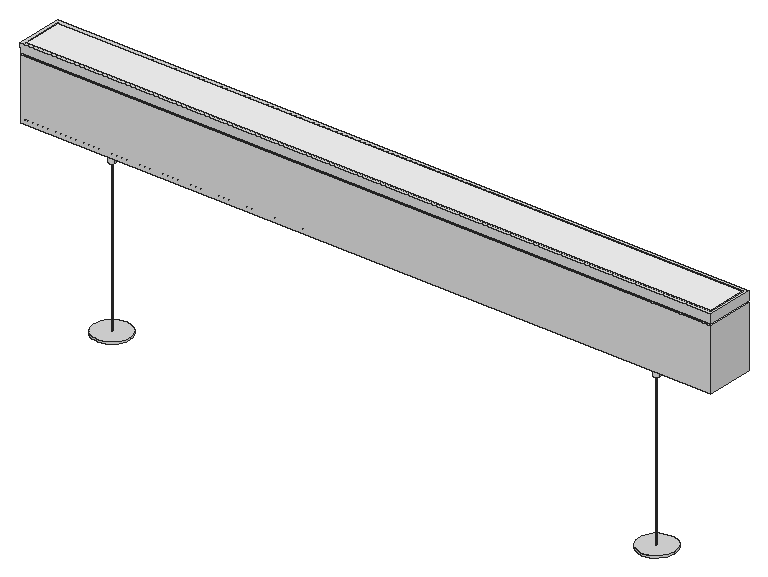
Revit family "Lighting-Suspended-Philips_Ledalite-TruGroove_LED", category Lighting Fixtures, host Face, Revit 2017
Family settings
  Host = Face
  Round Connector Dimension = Use Diameter
  Part Type = Normal
  OmniClass Number = 23.80.70.11.14
  OmniClass Title = General Luminaries, Directional
  Cut with Voids When Loaded = No
  Light Source = Yes
  Shared = No
  Room Calculation Point = No
Parameters (values of type "2905LACWW4")
  eCatalog URL = "www.ledalite.com"
  Width = 3 59/256"
  Wattage = 29.1702 W
  built-in parameter 1150110 = 1 (stored number, unit not read)
  Voltage Comments = ""
  Voltage = 120 V
  URL = "https://www.signify.com/en-us"
  built-in parameter 1114217 = 1 (stored number, unit not read)
  Tilt Angle = -90.00°
  built-in parameter 1150109 = 1 (stored number, unit not read)
  built-in parameter 1150134 = 12
  Suspension Distance = 12"
  built-in parameter 1150113 = 1 (stored number, unit not read)
  Product Page URL = "http://www.lightingproducts.philips.com/search-tool.html#!q=LI290L"
  Product Family = "TruGroove"
  Photometry Comments = "Candela values are absolute."
  Photometric Web File = "29x5LACWW.ies"
  Model = Catalog Number  # "2905LACWW4"
  Manufacturer = "Ledalite"
  built-in parameter 1150105 = 344.81 (stored number, unit not read)
  Lumens = 4333 lm
  built-in parameter 1150115 = 1 (stored number, unit not read)
  built-in parameter 1150137 = (empty or 0)
  built-in parameter 1150139 = (empty or 0)
  Lens Material Finish = Acrylic-Signify-White, Translucent
  Length = 48"
  Last Updated = "6/17/2015"
  built-in parameter 1150112 = 1 (stored number, unit not read)
  built-in parameter 1150114 = 1 (stored number, unit not read)
  Lamp Comments = ""
  Lamp = "LED"
  built-in parameter 1150132 = 2
  built-in parameter 1150102 = (empty or 0)
  built-in parameter 1150107 = 4000 (stored number, unit not read)
  built-in parameter 1150138 = (empty or 0)
  built-in parameter 1150106 = 3.4481 (stored number, unit not read)
  Housing Material Finish = Powder Coat-Signify-Titanium
  End Cap Depth = 51/256"
  Emit from Rectangle Width = Width  # 3 59/256"
  Emit from Rectangle Length = Length  # 48"
  Emit Shape Visible in Rendering = no
  built-in parameter 1150104 = 13.8 (stored number, unit not read)
  Dimming Lamp Color Temperature Shift = <None>
  Description = "TruGroove Suspended Indirect/Direct, LED, 4000K, 4600 Nominal Delivered Lumens, Asymmetric MesoOptics Top and Bottom, 4'"
  Depth = 5"
  Default Elevation = 48"
  Color Filter = 16777215
  Catalog Number = "2905LACWW4"
  built-in parameter 1140040 [instance] = 1
  built-in parameter 1114218 = 1 (stored number, unit not read)
  built-in parameter 1150133 = 10 (stored number, unit not read)
  Assembly Code = "D5020200"
  Apparent Load Comments = ""
  Apparent Load = 41.1 VA
Types (66): name | Wattage | built-in parameter 1150134 | Photometric Web File | Model | built-in parameter 1150105 | Lumens | built-in parameter 1150107 | built-in parameter 1150106 | Description | Catalog Number | Apparent Load
  2901LAEQN4 | 21.9265 W | 12 | "29x1LAEQN.ies" | "2901LAEQN4" | 259.18 (stored number, unit not read) | 3257 lm | 4000 (stored number, unit not read) | 2.5918 (stored number, unit not read) | "TruGroove Suspended Direct, LED, 4000K, 3200 Nominal Delivered Lumens, Symmetric MesoOptics, 4'" | "2901LAEQN4" | 35.4 VA
  2901LAEWN4 | 19.9943 W | 12 | "29x1LAEWN.ies" | "2901LAEWN4" | 236.35 (stored number, unit not read) | 2970 lm | 4000 (stored number, unit not read) | 2.3635 (stored number, unit not read) | "TruGroove Suspended Direct, LED, 4000K, 3200 Nominal Delivered Lumens, Asymmetric MesoOptics, 4'" | "2901LAEWN4" | 35.6 VA
  2901LAGQN4 | 15.7531 W | 12 | "29x1LAGQN.ies" | "2901LAGQN4" | 186.21 (stored number, unit not read) | 2340 lm | 4000 (stored number, unit not read) | 1.8621 (stored number, unit not read) | "TruGroove Suspended Direct, LED, 4000K, 2300 Nominal Delivered Lumens, Symmetric MesoOptics, 4'" | "2901LAGQN4" | 24.1 VA
  2901LAGWN4 | 14.3663 W | 12 | "29x1LAGWN.ies" | "2901LAGWN4" | 169.82 (stored number, unit not read) | 2134 lm | 4000 (stored number, unit not read) | 1.6982 (stored number, unit not read) | "TruGroove Suspended Direct, LED, 4000K, 2300 Nominal Delivered Lumens, Asymmetric MesoOptics, 4'" | "2901LAGWN4" | 24.3 VA
  2901LAKQN4 | 10.0847 W | 12 | "29x1LAKQN.ies" | "2901LAKQN4" | 119.21 (stored number, unit not read) | 1498 lm | 4000 (stored number, unit not read) | 1.1921 (stored number, unit not read) | "TruGroove Suspended Direct, LED, 4000K, 1500 Nominal Delivered Lumens, Symmetric MesoOptics, 4'" | "2901LAKQN4" | 15.3 VA
  2901LAKWN4 | 9.19605 W | 12 | "29x1LAKWN.ies" | "2901LAKWN4" | 108.7 (stored number, unit not read) | 1366 lm | 4000 (stored number, unit not read) | 1.087 (stored number, unit not read) | "TruGroove Suspended Direct, LED, 4000K, 1500 Nominal Delivered Lumens, Asymmetric MesoOptics, 4'" | "2901LAKWN4" | 15.4 VA
  2901LBEQN4 | 21.8591 W | (empty or 0) | "29x1LBEQN.ies" | "2901LBEQN4" | 258.39 (stored number, unit not read) | 3247 lm | 3500 (stored number, unit not read) | 2.5839 (stored number, unit not read) | "TruGroove Suspended Direct, LED, 3500K, 3200 Nominal Delivered Lumens, Symmetric MesoOptics, 4'" | "2901LBEQN4" | 34.9 VA
  2901LBEWN4 | 19.9338 W | (empty or 0) | "29x1LBEWN.ies" | "2901LBEWN4" | 235.63 (stored number, unit not read) | 2961 lm | 3500 (stored number, unit not read) | 2.3563 (stored number, unit not read) | "TruGroove Suspended Direct, LED, 3500K, 3200 Nominal Delivered Lumens, Asymmetric MesoOptics, 4'" | "2901LBEWN4" | 35.1 VA
  2901LBGQN4 | 15.6993 W | (empty or 0) | "29x1LBGQN.ies" | "2901LBGQN4" | 185.57 (stored number, unit not read) | 2332 lm | 3500 (stored number, unit not read) | 1.8557 (stored number, unit not read) | "TruGroove Suspended Direct, LED, 3500K, 2300 Nominal Delivered Lumens, Symmetric MesoOptics, 4'" | "2901LBGQN4" | 23.8 VA
  2901LBGWN4 | 14.3192 W | (empty or 0) | "29x1LBGWN.ies" | "2911LBGWN4" | 169.26 (stored number, unit not read) | 2127 lm | 3500 (stored number, unit not read) | 1.6926 (stored number, unit not read) | "TruGroove Suspended Direct, LED, 3500K, 2300 Nominal Delivered Lumens, Asymmetric MesoOptics, 4'" | "2911LBGWN4" | 24 VA
  2901LBKQN4 | 10.051 W | (empty or 0) | "29x1LBKQN.ies" | "2901LBKQN4" | 118.81 (stored number, unit not read) | 1493 lm | 3500 (stored number, unit not read) | 1.1881 (stored number, unit not read) | "TruGroove Suspended Direct, LED, 3500K, 1500 Nominal Delivered Lumens, Symmetric MesoOptics, 4'" | "2901LBKQN4" | 15.1 VA
  2901LBKWN4 | 9.16913 W | (empty or 0) | "29x1LBKWN.ies" | "2901LBKWN4" | 108.38 (stored number, unit not read) | 1362 lm | 3500 (stored number, unit not read) | 1.0838 (stored number, unit not read) | "TruGroove Suspended Direct, LED, 3500K, 1500 Nominal Delivered Lumens, Asymmetric MesoOptics, 4'" | "2901LBKWN4" | 15.2 VA
  2901LCEQN4 | 21.1388 W | (empty or 0) | "29x1LCEQN.ies" | "2901LCEQN4" | 249.87 (stored number, unit not read) | 3140 lm | 3000 (stored number, unit not read) | 2.4987 (stored number, unit not read) | "TruGroove Suspended Direct, LED, 3000K, 3200 Nominal Delivered Lumens, Symmetric MesoOptics, 4'" | "2901LCEQN4" | 34.9 VA
  2901LCEWN4 | 19.274 W | (empty or 0) | "29x1LCEWN.ies" | "2901LCEWN4" | 227.83 (stored number, unit not read) | 2863 lm | 3000 (stored number, unit not read) | 2.2783 (stored number, unit not read) | "TruGroove Suspended Direct, LED, 3000K, 3200 Nominal Delivered Lumens, Asymmetric MesoOptics, 4'" | "2901LCEWN4" | 35.1 VA
  2901LCGQN4 | 15.1742 W | (empty or 0) | "29x1LCGQN.ies" | "2901LCGQN4" | 179.37 (stored number, unit not read) | 2254 lm | 3000 (stored number, unit not read) | 1.7937 (stored number, unit not read) | "TruGroove Suspended Direct, LED, 3000K, 2300 Nominal Delivered Lumens, Symmetric MesoOptics, 4'" | "2901LCGQN4" | 23.8 VA
  2901LCGWN4 | 13.8479 W | (empty or 0) | "29x1LCGWN.ies" | "2901LCGWN4" | 163.69 (stored number, unit not read) | 2057 lm | 3000 (stored number, unit not read) | 1.6369 (stored number, unit not read) | "TruGroove Suspended Direct, LED, 3000K, 2300 Nominal Delivered Lumens, Asymmetric MesoOptics, 4'" | "2901LCGWN4" | 24 VA
  2901LCKQN4 | 9.72116 W | (empty or 0) | "29x1LCKQN.ies" | "2901LCKQN4" | 114.91 (stored number, unit not read) | 1444 lm | 3000 (stored number, unit not read) | 1.1491 (stored number, unit not read) | "TruGroove Suspended Direct, LED, 3000K, 1500 Nominal Delivered Lumens, Symmetric MesoOptics, 4'" | "2901LCKQN4" | 15.1 VA
  2901LCKWN4 | 8.86618 W | (empty or 0) | "29x1LCKWN.ies" | "2901LCKWN4" | 104.8 (stored number, unit not read) | 1317 lm | 3000 (stored number, unit not read) | 1.048 (stored number, unit not read) | "TruGroove Suspended Direct, LED, 3000K, 1500 Nominal Delivered Lumens, Asymmetric MesoOptics, 4'" | "2901LCKWN4" | 15.2 VA
  2903LACNQ4 | 32.6911 W | 12 | "29x3LACNQ.ies" | "2903LACNQ4" | 386.43 (stored number, unit not read) | 4856 lm | 4000 (stored number, unit not read) | 3.8643 (stored number, unit not read) | "TruGroove Suspended Indirect, LED, 4000K, 4800 Nominal Delivered Lumens, Symmetric MesoOptics, 4'" | "2903LACNQ4" | 41 VA
  2903LACNW4 | 30.6243 W | 12 | "29x3LACNW.ies" | "2903LACNW4" | 362 (stored number, unit not read) | 4549 lm | 4000 (stored number, unit not read) | 3.62 (stored number, unit not read) | "TruGroove Suspended Indirect, LED, 4000K, 4800 Nominal Delivered Lumens, Asymmetric MesoOptics, 4'" | "2903LACNW4" | 40.8 VA
  2903LAENQ4 | 21.9669 W | 12 | "29x3LAENQ.ies" | "2903LAENQ4" | 259.66 (stored number, unit not read) | 3263 lm | 4000 (stored number, unit not read) | 2.5966 (stored number, unit not read) | "TruGroove Suspended Indirect, LED, 4000K, 3200 Nominal Delivered Lumens, Symmetric MesoOptics, 4'" | "2903LAENQ4" | 25.9 VA
  2903LAENW4 | 20.58 W | 12 | "29x3LAENW.ies" | "2903LAENW4" | 243.27 (stored number, unit not read) | 3057 lm | 4000 (stored number, unit not read) | 2.4327 (stored number, unit not read) | "TruGroove Suspended Indirect, LED, 4000K, 3200 Nominal Delivered Lumens, Asymmetric MesoOptics, 4'" | "2903LAENW4" | 25.8 VA
  2903LBCNQ4 | 32.0785 W | (empty or 0) | "29x3LBCNQ.ies" | "2903LBCNQ4" | 379.19 (stored number, unit not read) | 4765 lm | 3500 (stored number, unit not read) | 3.7919 (stored number, unit not read) | "TruGroove Suspended Indirect, LED, 3500K, 4800 Nominal Delivered Lumens, Symmetric MesoOptics, 4'" | "2903LBCNQ4" | 41 VA
  2903LBCNW4 | 30.0521 W | (empty or 0) | "29x3LBCNW.ies" | "2903LBCNW4" | 355.23 (stored number, unit not read) | 4464 lm | 3500 (stored number, unit not read) | 3.5523 (stored number, unit not read) | "TruGroove Suspended Indirect, LED, 3500K, 4800 Nominal Delivered Lumens, Asymmetric MesoOptics, 4'" | "2903LBCNW4" | 40.8 VA
  2903LBENQ4 | 21.5427 W | (empty or 0) | "29x3LBENQ.ies" | "2903LBENQ4" | 254.65 (stored number, unit not read) | 3200 lm | 3500 (stored number, unit not read) | 2.5465 (stored number, unit not read) | "TruGroove Suspended Indirect, LED, 3500K, 3200 Nominal Delivered Lumens, Symmetric MesoOptics, 4'" | "2903LBENQ4" | 25.9 VA
  2903LBENW4 | 20.1828 W | (empty or 0) | "29x3LBENW.ies" | "2903LBENW4" | 238.57 (stored number, unit not read) | 2998 lm | 3500 (stored number, unit not read) | 2.3857 (stored number, unit not read) | "TruGroove Suspended Indirect, LED, 3500K, 3200 Nominal Delivered Lumens, Asymmetric MesoOptics, 4'" | "2903LBENW4" | 25.8 VA
  2903LCCNQ4 | 31.4591 W | (empty or 0) | "29x3LCCNQ.ies" | "2903LCCNQ4" | 371.87 (stored number, unit not read) | 4673 lm | 3000 (stored number, unit not read) | 3.7187 (stored number, unit not read) | "TruGroove Suspended Indirect, LED, 3000K, 4800 Nominal Delivered Lumens, Symmetric MesoOptics, 4'" | "2903LCCNQ4" | 40.7 VA
  2903LCCNW4 | 29.4799 W | (empty or 0) | "29x3LCCNQ.ies" | "2903LCCNQ4" | 348.47 (stored number, unit not read) | 4379 lm | 3000 (stored number, unit not read) | 3.4847 (stored number, unit not read) | "TruGroove Suspended Indirect, LED, 3000K, 4800 Nominal Delivered Lumens, Asymmetric MesoOptics, 4'" | "2903LCCNQ4" | 40.7 VA
  2903LCENQ4 | 21.1455 W | (empty or 0) | "29x3LCENQ.ies" | "2903LCENQ4" | 249.95 (stored number, unit not read) | 3141 lm | 3000 (stored number, unit not read) | 2.4995 (stored number, unit not read) | "TruGroove Suspended Indirect, LED, 3000K, 3200 Nominal Delivered Lumens, Symmetric MesoOptics, 4'" | "2903LCENQ4" | 25.7 VA
  2903LCENW4 | 19.8126 W | (empty or 0) | "29x3LCENW.ies" | "2903LCENW4" | 234.2 (stored number, unit not read) | 2943 lm | 3000 (stored number, unit not read) | 2.342 (stored number, unit not read) | "TruGroove Suspended Indirect, LED, 3000K, 3200 Nominal Delivered Lumens, Asymmetric MesoOptics, 4'" | "2903LCENW4" | 25.6 VA
  2905LABQQ4 | 35.4849 W | 12 | "29x5LABQQ.ies" | "2905LABQQ4" | 419.45 (stored number, unit not read) | 5271 lm | 4000 (stored number, unit not read) | 4.1945 (stored number, unit not read) | "TruGroove Suspended Indirect/Direct, LED, 4000K, 5200 Nominal Delivered Lumens, Symmetric MesoOptics Top & Bottom, 4'" | "2905LABQQ4" | 46.6 VA
  2905LABWW4 | 32.8594 W | 12 | "29x5LABWW.ies" | "2905LABWW4" | 388.42 (stored number, unit not read) | 4881 lm | 4000 (stored number, unit not read) | 3.8842 (stored number, unit not read) | "TruGroove Suspended Indirect/Direct, LED, 4000K, 5200 Nominal Delivered Lumens, Asymmetric MesoOptics Top and Bottom, 4'" | "2905LABWW4" | 46.6 VA
  2905LACQQ4 | 31.4053 W | 12 | "29x5LACQQ.ies" | "2905LACQQ4" | 371.23 (stored number, unit not read) | 4665 lm | 4000 (stored number, unit not read) | 3.7123 (stored number, unit not read) | "TruGroove Suspended Indirect/Direct, LED, 4000K, 4600 Nominal Delivered Lumens, Symmetric MesoOptics Top & Bottom, 4'" | "2905LACQQ4" | 41.1 VA
  2905LACWW4 | 29.1702 W | 12 | "29x5LACWW.ies" | "2905LACWW4" | 344.81 (stored number, unit not read) | 4333 lm | 4000 (stored number, unit not read) | 3.4481 (stored number, unit not read) | "TruGroove Suspended Indirect/Direct, LED, 4000K, 4600 Nominal Delivered Lumens, Asymmetric MesoOptics Top and Bottom, 4'" | "2905LACWW4" | 41.1 VA
  2905LADQQ4 | 22.6468 W | 12 | "29x5LADQQ.ies" | "2905LADQQ4" | 267.7 (stored number, unit not read) | 3364 lm | 4000 (stored number, unit not read) | 2.677 (stored number, unit not read) | "TruGroove Suspended Indirect/Direct, LED, 4000K, 3500 Nominal Delivered Lumens, Symmetric MesoOptics Top & Bottom, 4'" | "2905LADQQ4" | 28.6 VA
  2905LADWW4 | 20.9705 W | 12 | "29x5LADWW.ies" | "2905LADWW4" | 247.88 (stored number, unit not read) | 3115 lm | 4000 (stored number, unit not read) | 2.4788 (stored number, unit not read) | "TruGroove Suspended Indirect/Direct, LED, 4000K, 3500 Nominal Delivered Lumens, Asymmetric MesoOptics Top and Bottom, 4'" | "2905LADWW4" | 28.6 VA
  2905LBBQQ4 | 35.3234 W | (empty or 0) | "29x5LBBQQ.ies" | "2905LBBQQ4" | 417.54 (stored number, unit not read) | 5247 lm | 3500 (stored number, unit not read) | 4.1754 (stored number, unit not read) | "TruGroove Suspended Indirect/Direct, LED, 3500K, 5200 Nominal Delivered Lumens, Symmetric MesoOptics Top & Bottom, 4'" | "2905LBBQQ4" | 46.4 VA
  2905LBBWW4 | 32.7046 W | (empty or 0) | "29x5LBBWW.ies" | "2905LBBWW4" | 386.59 (stored number, unit not read) | 4858 lm | 3500 (stored number, unit not read) | 3.8659 (stored number, unit not read) | "TruGroove Suspended Indirect/Direct, LED, 3500K, 5200 Nominal Delivered Lumens, Asymmetric MesoOptics Top and Bottom, 4'" | "2905LBBWW4" | 46.4 VA
  2905LBCQQ4 | 31.1293 W | (empty or 0) | "29x5LBCQQ.ies" | "2905LBCQQ4" | 367.97 (stored number, unit not read) | 4624 lm | 3500 (stored number, unit not read) | 3.6797 (stored number, unit not read) | "TruGroove Suspended Indirect/Direct, LED, 3500K, 4600 Nominal Delivered Lumens, Symmetric MesoOptics Top & Bottom, 4'" | "2905LBCQQ4" | 40.9 VA
  2905LBCWW4 | 28.9077 W | (empty or 0) | "29x5LBCWW.ies" | "2905LBCWW4" | 341.71 (stored number, unit not read) | 4294 lm | 3500 (stored number, unit not read) | 3.4171 (stored number, unit not read) | "TruGroove Suspended Indirect/Direct, LED, 3500K, 4600 Nominal Delivered Lumens, Asymmetric MesoOptics Top and Bottom, 4'" | "2905LBCWW4" | 40.9 VA
  2905LBDQQ4 | 22.5391 W | (empty or 0) | "29x5LBDQQ.ies" | "2905LBDQQ4" | 266.43 (stored number, unit not read) | 3348 lm | 3500 (stored number, unit not read) | 2.6643 (stored number, unit not read) | "TruGroove Suspended Indirect/Direct, LED, 3500K, 3500 Nominal Delivered Lumens, Symmetric MesoOptics Top & Bottom, 4'" | "2905LBDQQ4" | 28.5 VA
  2905LBDWW4 | 20.8695 W | (empty or 0) | "29x5LBDWW.ies" | "2905LBDWW4" | 246.69 (stored number, unit not read) | 3100 lm | 3500 (stored number, unit not read) | 2.4669 (stored number, unit not read) | "TruGroove Suspended Indirect/Direct, LED, 3500K, 3500 Nominal Delivered Lumens, Asymmetric MesoOptics Top and Bottom, 4'" | "2905LBDWW4" | 28.5 VA
  2905LCBQQ4 | 34.7915 W | (empty or 0) | "29x5LCBQQ.ies" | "2905LCBQQ4" | 411.26 (stored number, unit not read) | 5168 lm | 3000 (stored number, unit not read) | 4.1126 (stored number, unit not read) | "TruGroove Suspended Indirect/Direct, LED, 3000K, 5200 Nominal Delivered Lumens, Symmetric MesoOptics Top & Bottom, 4'" | "2905LCBQQ4" | 46.4 VA
  2905LCBWW4 | 32.2064 W | (empty or 0) | "29x5LCBWW.ies" | "2905LCBWW4" | 380.7 (stored number, unit not read) | 4784 lm | 3000 (stored number, unit not read) | 3.807 (stored number, unit not read) | "TruGroove Suspended Indirect/Direct, LED, 3000K, 5200 Nominal Delivered Lumens, Asymmetric MesoOptics Top and Bottom, 4'" | "2905LCBWW4" | 46.4 VA
  2905LCCQQ4 | 30.6984 W | (empty or 0) | "29x5LCCQQ.ies" | "2905LCCQQ4" | 362.87 (stored number, unit not read) | 4560 lm | 3000 (stored number, unit not read) | 3.6287 (stored number, unit not read) | "TruGroove Suspended Indirect/Direct, LED, 3000K, 4600 Nominal Delivered Lumens, Symmetric MesoOptics Top & Bottom, 4'" | "2905LCCQQ4" | 40.8 VA
  2905LCCWW4 | 28.5239 W | (empty or 0) | "29x5LCCWW.ies" | "2905LCCWW4" | 337.17 (stored number, unit not read) | 4237 lm | 3000 (stored number, unit not read) | 3.3717 (stored number, unit not read) | "TruGroove Suspended Indirect/Direct, LED, 3000K, 4600 Nominal Delivered Lumens, Asymmetric MesoOptics Top and Bottom, 4'" | "2905LCCWW4" | 40.8 VA
  2905LCDQQ4 | 22.2025 W | (empty or 0) | "29x5LCDQQ.ies" | "2905LCDQQ4" | 262.45 (stored number, unit not read) | 3298 lm | 3000 (stored number, unit not read) | 2.6245 (stored number, unit not read) | "TruGroove Suspended Indirect/Direct, LED, 3000K, 3500 Nominal Delivered Lumens, Symmetric MesoOptics Top & Bottom, 4'" | "2905LCDQQ4" | 28.5 VA
  2905LCDWW4 | 20.5531 W | (empty or 0) | "29x5LCDWW.ies" | "2905LCDWW4" | 242.95 (stored number, unit not read) | 3053 lm | 3000 (stored number, unit not read) | 2.4295 (stored number, unit not read) | "TruGroove Suspended Indirect/Direct, LED, 3000K, 3500 Nominal Delivered Lumens, Asymmetric MesoOptics Top and Bottom, 4'" | "2905LCDWW4" | 28.5 VA
  2906LABQQ4 | 34.7444 W | 12 | "29x6LABQQ.ies" | "2906LABQQ4" | 410.7 (stored number, unit not read) | 5161 lm | 4000 (stored number, unit not read) | 4.107 (stored number, unit not read) | "TruGroove Suspended Direct/Indirect, LED, 4000K, 5200 Nominal Delivered Lumens, Symmetirc MesoOptics Top and Bottom, 4'" | "2906LABQQ4" | 50.5 VA
  2906LABWW4 | 32.0179 W | 12 | "29x6LABWW.ies" | "2906LABWW4" | 378.47 (stored number, unit not read) | 4756 lm | 4000 (stored number, unit not read) | 3.7847 (stored number, unit not read) | "TruGroove Suspended Direct/Indirect, LED, 4000K, 5200 Nominal Delivered Lumens, Asymmetirc MesoOptics Top and Bottom, 4'" | "2906LABWW4" | 50.5 VA
  2906LACQQ4 | 30.6647 W | 12 | "29x6LACQQ.ies" | "2906LACQQ4" | 362.48 (stored number, unit not read) | 4555 lm | 4000 (stored number, unit not read) | 3.6248 (stored number, unit not read) | "TruGroove Suspended Direct/Indirect, LED, 4000K, 4600 Nominal Delivered Lumens, Symmetirc MesoOptics Top and Bottom, 4'" | "2906LACQQ4" | 46.3 VA
  2906LACWW4 | 28.2008 W | 12 | "29x6LACWW.ies" | "2906LACWW4" | 333.35 (stored number, unit not read) | 4189 lm | 4000 (stored number, unit not read) | 3.3335 (stored number, unit not read) | "TruGroove Suspended Direct/Indirect, LED, 4000K, 4600 Nominal Delivered Lumens, Asymmetirc MesoOptics Top and Bottom, 4'" | "2906LACWW4" | 46.3 VA
  2906LADQQ4 | 24.6799 W | 12 | "29x6LADQQ.ies" | "2906LADQQ4" | 291.73 (stored number, unit not read) | 3666 lm | 4000 (stored number, unit not read) | 2.9173 (stored number, unit not read) | "TruGroove Suspended Direct/Indirect, LED, 4000K, 3500 Nominal Delivered Lumens, Symmetirc MesoOptics Top and Bottom, 4'" | "2906LADQQ4" | 35.1 VA
  2906LADWW4 | 22.7343 W | 12 | "29x6LADWW.ies" | "2906LADWW4" | 268.73 (stored number, unit not read) | 3377 lm | 4000 (stored number, unit not read) | 2.6873 (stored number, unit not read) | "TruGroove Suspended Direct/Indirect, LED, 4000K, 3500 Nominal Delivered Lumens, Asymmetirc MesoOptics Top and Bottom, 4'" | "2906LADWW4" | 35.1 VA
  2906LBBQQ4 | 34.4751 W | (empty or 0) | "29x6LBBQQ.ies" | "2906LBBQQ4" | 407.52 (stored number, unit not read) | 5121 lm | 3500 (stored number, unit not read) | 4.0752 (stored number, unit not read) | "TruGroove Suspended Direct/Indirect, LED, 3500K, 5200 Nominal Delivered Lumens, Symmetirc MesoOptics Top and Bottom, 4'" | "2906LBBQQ4" | 50 VA
  2906LBBWW4 | 31.7553 W | (empty or 0) | "29x6LBBWW.ies" | "2906LBBWW4" | 375.37 (stored number, unit not read) | 4717 lm | 3500 (stored number, unit not read) | 3.7537 (stored number, unit not read) | "TruGroove Suspended Direct/Indirect, LED, 3500K, 5200 Nominal Delivered Lumens, Asymmetirc MesoOptics Top and Bottom, 4'" | "2906LBBWW4" | 50 VA
  2906LBCQQ4 | 30.8128 W | (empty or 0) | "29x6LBCQQ.ies" | "2906LBCQQ4" | 364.23 (stored number, unit not read) | 4577 lm | 3500 (stored number, unit not read) | 3.6423 (stored number, unit not read) | "TruGroove Suspended Direct/Indirect, LED, 3500K, 4600 Nominal Delivered Lumens, Symmetirc MesoOptics Top and Bottom, 4'" | "2906LBCQQ4" | 46 VA
  2906LBCWW4 | 28.322 W | (empty or 0) | "29x6LBCWW.ies" | "2906LBCWW4" | 334.78 (stored number, unit not read) | 4207 lm | 3500 (stored number, unit not read) | 3.3478 (stored number, unit not read) | "TruGroove Suspended Direct/Indirect, LED, 3500K, 4600 Nominal Delivered Lumens, Asymmetirc MesoOptics Top and Bottom, 4'" | "2906LBCWW4" | 46 VA
  2906LBDQQ4 | 24.5789 W | (empty or 0) | "29x6LBDQQ.ies" | "2906LBDQQ4" | 290.54 (stored number, unit not read) | 3651 lm | 3500 (stored number, unit not read) | 2.9054 (stored number, unit not read) | "TruGroove Suspended Direct/Indirect, LED, 3500K, 3500 Nominal Delivered Lumens, Symmetirc MesoOptics Top and Bottom, 4'" | "2906LBDQQ4" | 34.8 VA
  2906LBDWW4 | 22.6333 W | (empty or 0) | "29x6LBDWW.ies" | "2906LBDWW4" | 267.54 (stored number, unit not read) | 3362 lm | 3500 (stored number, unit not read) | 2.6754 (stored number, unit not read) | "TruGroove Suspended Direct/Indirect, LED, 3500K, 3500 Nominal Delivered Lumens, Asymmetirc MesoOptics Top and Bottom, 4'" | "2906LBDWW4" | 34.8 VA
  2906LCBQQ4 | 33.7009 W | (empty or 0) | "29x6LCBQQ.ies" | "2906LCBQQ1" | 398.36 (stored number, unit not read) | 5006 lm | 3000 (stored number, unit not read) | 3.9836 (stored number, unit not read) | "TruGroove Suspended Direct/Indirect, LED, 3000K, 5200 Nominal Delivered Lumens, Symmetirc MesoOptics Top and Bottom, 4'" | "2906LCBQQ1" | 50.1 VA
  2906LCBWW4 | 31.0485 W | (empty or 0) | "29x6LCBWW.ies" | "2906LCBWW4" | 367.01 (stored number, unit not read) | 4612 lm | 3000 (stored number, unit not read) | 3.6701 (stored number, unit not read) | "TruGroove Suspended Direct/Indirect, LED, 3000K, 5200 Nominal Delivered Lumens, Asymmetirc MesoOptics Top and Bottom, 4'" | "2906LCBWW4" | 50.1 VA
  2906LCCQQ4 | 29.9175 W | (empty or 0) | "29x6LCCQQ.ies" | "2906LCCQQ4" | 353.64 (stored number, unit not read) | 4444 lm | 3000 (stored number, unit not read) | 3.5364 (stored number, unit not read) | "TruGroove Suspended Direct/Indirect, LED, 3000K, 4600 Nominal Delivered Lumens, Symmetirc MesoOptics Top and Bottom, 4'" | "2906LCCQQ4" | 45.9 VA
  2906LCCWW4 | 27.5006 W | (empty or 0) | "29x6LCCWW.ies" | "2906LCCWW4" | 325.07 (stored number, unit not read) | 4085 lm | 3000 (stored number, unit not read) | 3.2507 (stored number, unit not read) | "TruGroove Suspended Direct/Indirect, LED, 3000K, 4600 Nominal Delivered Lumens, Asymmetirc MesoOptics Top and Bottom, 4'" | "2906LCCWW4" | 45.9 VA
  2906LCDQQ4 | 23.9326 W | (empty or 0) | "29x6LCDQQ.ies" | "2906LCDQQ4" | 282.9 (stored number, unit not read) | 3555 lm | 3000 (stored number, unit not read) | 2.829 (stored number, unit not read) | "TruGroove Suspended Direct/Indirect, LED, 3000K, 3500 Nominal Delivered Lumens, Symmetirc MesoOptics Top and Bottom, 4'" | "2906LCDQQ4" | 34.7 VA
  2906LCDWW4 | 22.0476 W | (empty or 0) | "29x6LCDWW.ies" | "2906LCDWW4" | 260.62 (stored number, unit not read) | 3275 lm | 3000 (stored number, unit not read) | 2.6062 (stored number, unit not read) | "TruGroove Suspended Direct/Indirect, LED, 3000K, 3500 Nominal Delivered Lumens, Asymmetirc MesoOptics Top and Bottom, 4'" | "2906LCDWW4" | 34.7 VA
Reference planes (in)
  plane 1 "Center (Front/Back)": y = 0
  plane 2: z = 0
  plane 3 "Center (Left/Right)": x = 0
  plane 4 "Length1": x = -24
  plane 5 "Length2": x = 24
  plane 6 "Width1": y = -1.61523
  plane 7 "Width2": y = 1.61523
  plane 8 "Endcap1": x = -23.80078
  plane 9 "Endcap2": x = 23.80078
  plane 10: z = 17
  plane 11 "Suspension": z = 12
  plane 12 "Suspender4": x = 19
  plane 13 "Suspender3": x = 18.84666
  plane 14 "Suspender1": x = -19
  plane 15 "Suspender2": x = -18.84666
  plane 16 "Suspension2": z = 10.66026
  plane 17 "Mount": z = 0.125
Forms (in)
  Extrusion 1, solid, material "Powder Coat-Signify-Titanium" <- "Housing Material Finish"
    sketch origin (0, 0, 12) x (0, 1, 0) y (0, 0, 1)
      loop
        line (1.61523, 5) -> (1.41523, 5) -> (1.41523, 2.54796) -> (-1.41523, 2.54796) -> (-1.41523, 5) -> (-1.61523, 5) -> (-1.61523, 0) -> (-1.50742, 0) -> (-1.50742, 0.22232) -> (-1.34, 0.06619) -> (-1.34, 0.17298) -> (-1.50742, 0.32911) -> (-1.50742, 2.38075) -> (1.50742, 2.38075) -> (1.50742, 0.32911) -> (1.34, 0.17298) -> (1.34, 0.06619) -> (1.50742, 0.22232) -> (1.50742, 0) -> (1.61523, 0) -> (1.61523, 5)
    from -23.80078 to 23.80078
  Extrusion 2, solid, material "Powder Coat-Signify-Titanium" <- "Housing Material Finish"
    sketch origin (0, 0, 12) x (1, 0, 0) y (0, 0, 1)
      loop
        line (23.80078, 5) -> (23.80078, 0) -> (24, 0) -> (24, 5) -> (23.80078, 5)
      loop
        line (-23.80078, 5) -> (-24, 5) -> (-24, 0) -> (-23.80078, 0) -> (-23.80078, 5)
    from -1.61523 to 1.61523
  Extrusion 3, void
    sketch origin (0, 0, 12) x (0, 1, 0) y (0, 0, 1)
      loop
        line (1.61523, 4.34697) -> (1.51307, 4.34697) -> (1.51307, 4.2355) -> (1.61523, 4.2355) -> (1.61523, 4.34697)
      loop
        line (-1.61523, 4.34697) -> (-1.61523, 4.2355) -> (-1.51307, 4.2355) -> (-1.51307, 4.34697) -> (-1.61523, 4.34697)
    from -24 to 24
  Extrusion 4, void
    sketch origin (0, 0, 12) x (1, 0, 0) y (0, 0, 1)
      loop
        line (-24, 4.34697) -> (-24, 4.2355) -> (-23.84051, 4.2355) -> (-23.84051, 4.34697) -> (-24, 4.34697)
      loop
        line (24, 4.34697) -> (23.84051, 4.34697) -> (23.84051, 4.2355) -> (24, 4.2355) -> (24, 4.34697)
    from -1.61523 to 1.61523
  Extrusion 5, solid, material "Acrylic-Signify-White, Translucent" <- "Lens Material Finish"
    sketch origin (0, 0, 12) x (0, 1, 0) y (0, 0, 1)
      loop
        line (1.41523, 4.97998) -> (-1.41523, 4.97998) -> (-1.41523, 4.85498) -> (1.41523, 4.85498) -> (1.41523, 4.97998)
    from -23.80078 to 23.80078
  Extrusion 6, solid, material "Acrylic-Signify-White, Translucent" <- "Lens Material Finish"
    sketch origin (0, 0, 0) x (0, 1, 0) y (0, 0, 1)
      loop
        line (1.34, 12.10117) -> (1.34, 12.14196) -> (0.77684, 12.61451) -> (-0.77684, 12.61451) -> (-1.34, 12.14196) -> (-1.34, 12.10117) -> (-0.76546, 12.58326) -> (0.76546, 12.58326) -> (1.34, 12.10117)
    from -23.80078 to 23.80078
  Extrusion 7, solid, material "Powder Coat-Signify-Titanium" <- "Housing Material Finish"
    sketch origin (0, 0, 0) x (0, 1, 0) y (0, 0, 1)
      loop
        arc (1.22069, 12.20128) -> (0.77311, 11.8092) -> (0.20691, 11.62626) r 1.47262
        line (0.20691, 11.62626) -> (0.20691, 11.5634)
        arc (0.20691, 11.5634) -> (0.7996, 11.75239) -> (1.26863, 12.16106) r 1.53512
        line (1.26863, 12.16106) -> (1.22069, 12.20128)
      loop
        line (-1.22069, 12.20128) -> (-1.26863, 12.16106)
        arc (-1.26863, 12.16106) -> (-0.7996, 11.75239) -> (-0.20691, 11.5634) r 1.53512
        line (-0.20691, 11.5634) -> (-0.20691, 11.62626)
        arc (-0.20691, 11.62626) -> (-0.77311, 11.8092) -> (-1.22069, 12.20128) r 1.47262
    from 18.84666 to 19
  Extrusion 8, solid, material "Powder Coat-Signify-Titanium" <- "Housing Material Finish"
    sketch origin (0, 0, 0) x (1, 0, 0) y (0, 1, 0)
      loop
        circle (18.92333, 0) r 0.20643
    from 10.66026 to 12
  Extrusion 9, solid, material "Powder Coat-Signify-Titanium" <- "Housing Material Finish"
    sketch origin (0, 0, 0) x (0, 1, 0) y (0, 0, -1)
      loop
        line (1.22069, -12.20128) -> (1.26863, -12.16106)
        arc (1.26863, -12.16106) -> (0.7996, -11.75239) -> (0.20691, -11.5634) r 1.53512
        line (0.20691, -11.5634) -> (0.20691, -11.62626)
        arc (0.20691, -11.62626) -> (0.77311, -11.8092) -> (1.22069, -12.20128) r 1.47262
      loop
        arc (-1.22069, -12.20128) -> (-0.77311, -11.8092) -> (-0.20691, -11.62626) r 1.47262
        line (-0.20691, -11.62626) -> (-0.20691, -11.5634)
        arc (-0.20691, -11.5634) -> (-0.7996, -11.75239) -> (-1.26863, -12.16106) r 1.53512
        line (-1.26863, -12.16106) -> (-1.22069, -12.20128)
    from 18.84666 to 19
  Extrusion 10, solid, material "Powder Coat-Signify-Titanium" <- "Housing Material Finish"
    sketch origin (0, 0, 0) x (-1, 0, 0) y (0, -1, 0)
      loop
        circle (18.92333, 0) r 0.20643
    from 10.66026 to 12
  Extrusion 11, solid
    sketch origin (0, 0, 0) x (1, 0, 0) y (0, 1, 0)
      loop
        circle (-18.92333, 0) r 0.03125
      loop
        circle (18.92333, 0) r 0.03125
    from 0.125 to 10.66026
  Extrusion 12, solid, material "Powder Coat-Signify-Titanium" <- "Housing Material Finish"
    sketch origin (0, 0, 0) x (1, 0, 0) y (0, 1, 0)
      loop
        circle (-18.92333, 0) r 1.25
      loop
        circle (18.92333, 0) r 1.25
    from 0 to 0.125
Cuts and joins
  Extrusion 3, Extrusion 4 cuts Extrusion 1
  Extrusion 3, Extrusion 4 cuts Extrusion 2
  joined: Extrusion 1, Extrusion 2
Lines and regions (in)
  symbolic lines
    curve 1: line (-24, 1.61523, 0) -> (24, 1.61523, 0)
    curve 2: line (-24, -1.61523, 0) -> (-24, 1.61523, 0)
    curve 3: line (24, -1.61523, 0) -> (-24, -1.61523, 0)
    curve 4: line (24, 1.61523, 0) -> (24, -1.61523, 0)
    curve 5: line (-24, 1.61523, 0) -> (24, -1.61523, 0)
Dimensions and locks (in)
  equal spacing: plane 4 "Length1", plane 3 "Center (Left/Right)", plane 5 "Length2"
  "Length": plane 4 "Length1" to plane 5 "Length2"
  equal spacing: plane 7 "Width2", plane 1 "Center (Front/Back)", plane 6 "Width1"
  "Width": plane 7 "Width2" to plane 6 "Width1"
  "End Cap Depth": plane 4 "Length1" to plane 8 "Endcap1"
  "End Cap Depth": plane 9 "Endcap2" to plane 5 "Length2"
  locked: plane 10 to Extrusion 4 sketch curve at 0.65303  (x2)
  locked: Extrusion 4 sketch curve to plane 5 "Length2" at 0.15949
  locked: plane 10 to Extrusion 4 sketch curve at 0.7645  (x2)
  locked: plane 4 "Length1" to Extrusion 4 sketch curve at 0.15949
  locked: Extrusion 3 sketch curve to plane 10 at 0.65303
  locked: plane 10 to Extrusion 3 sketch curve at 0.7645
  locked: plane 7 "Width2" to Extrusion 3 sketch curve at 0.10216
  locked: Extrusion 3 sketch curve to plane 6 "Width1" at 0.10216
  locked: plane 10 to Extrusion 3 sketch curve at 0.65303
  locked: Extrusion 3 sketch curve to plane 10 at 0.7645
  locked: plane 7 "Width2" to Extrusion 5 sketch curve at 0.2
  locked: Extrusion 5 sketch curve to plane 6 "Width1" at 0.2
  locked: Extrusion 5 sketch curve to plane 10 at 0.02002
  locked: plane 10 to Extrusion 5 sketch curve at 0.14502
  locked: imposter light to plane 10 at 0
  locked: imposter light to plane 1 "Center (Front/Back)" at 0
  "Depth": plane 10 to plane 11 "Suspension"
  "Suspension Distance": plane 11 "Suspension" to plane 2
  plane 12 "Suspender4" to plane 5 "Length2" = 5"
  locked: plane 13 "Suspender3" to plane 12 "Suspender4" at 0.15334
  locked: plane 14 "Suspender1" to plane 15 "Suspender2" at 0.15334
  locked: plane 4 "Length1" to plane 14 "Suspender1" at 5
  locked: plane 17 "Mount" to plane 2 at 0.125
  locked: plane 11 "Suspension" to plane 16 "Suspension2" at 1.33974
  locked: plane 4 "Length1" to Extrusion 12 sketch curve at 5.07667
  locked: plane 7 "Width2" to Extrusion 12 sketch curve at 1.61523  (x2)
  locked: Extrusion 12 sketch curve to plane 5 "Length2" at 5.07667
  locked: plane 7 "Width2" to Extrusion 10 sketch curve at 1.61523
  locked: plane 4 "Length1" to Extrusion 10 sketch curve at 5.07667
  locked: plane 4 "Length1" to Extrusion 11 sketch curve at 5.07667
  locked: plane 7 "Width2" to Extrusion 11 sketch curve at 1.61523  (x2)
  locked: Extrusion 11 sketch curve to plane 5 "Length2" at 5.07667
  locked: Extrusion 8 sketch curve to plane 5 "Length2" at 5.07667
  locked: plane 7 "Width2" to Extrusion 8 sketch curve at 1.61523
  locked: Extrusion 9 sketch curve to plane 11 "Suspension" at 0.93883
  locked: Extrusion 9 sketch curve to plane 1 "Center (Front/Back)" at 0.20691
  locked: plane 1 "Center (Front/Back)" to Extrusion 9 sketch curve at 0.20691
  locked: plane 11 "Suspension" to Extrusion 9 sketch curve at 0.93883
  locked: plane 7 "Width2" to Extrusion 9 sketch curve at 0.39454
  locked: plane 7 "Width2" to Extrusion 9 sketch curve at 0.34661
  locked: plane 11 "Suspension" to Extrusion 9 sketch curve at 0.37374  (x2)
  locked: plane 11 "Suspension" to Extrusion 9 sketch curve at 0.4366  (x2)
  locked: Extrusion 9 sketch curve to plane 11 "Suspension" at 0.20128  (x2)
  locked: Extrusion 9 sketch curve to plane 11 "Suspension" at 0.16106
  locked: Extrusion 7 sketch curve to plane 11 "Suspension" at 0.16106  (x2)
  locked: Extrusion 7 sketch curve to plane 11 "Suspension" at 0.20128  (x2)
  locked: plane 11 "Suspension" to Extrusion 7 sketch curve at 0.4366  (x2)
  locked: plane 11 "Suspension" to Extrusion 7 sketch curve at 0.37374  (x2)
  locked: Extrusion 7 sketch curve to plane 1 "Center (Front/Back)" at 0.20691
  locked: Extrusion 7 sketch curve to plane 11 "Suspension" at 0.93883
  locked: plane 1 "Center (Front/Back)" to Extrusion 7 sketch curve at 0.20691
  locked: plane 11 "Suspension" to Extrusion 7 sketch curve at 0.93883
  locked: plane 7 "Width2" to Extrusion 6 sketch curve at 0.27524
  locked: plane 11 "Suspension" to Extrusion 6 sketch curve at 0.97008
  locked: plane 11 "Suspension" to Extrusion 6 sketch curve at 0.93883
  locked: plane 11 "Suspension" to Extrusion 6 sketch curve at 0.61451
  locked: plane 11 "Suspension" to Extrusion 6 sketch curve at 0.58326
  locked: Extrusion 6 sketch curve to plane 11 "Suspension" at 0.93883
  locked: Extrusion 6 sketch curve to plane 11 "Suspension" at 0.97008
  locked: Extrusion 6 sketch curve to plane 6 "Width1" at 0.27524
  locked: plane 7 "Width2" to Extrusion 1 sketch curve at 0.10781  (x2)
  locked: Extrusion 1 sketch curve to Extrusion 1 sketch curve at 0.23612  (x2)
  locked: plane 7 "Width2" to Extrusion 1 sketch curve at 0.27524
  locked: Extrusion 1 sketch curve to plane 10 at 2.61925
  locked: Extrusion 1 sketch curve to plane 6 "Width1" at 0.10781  (x2)
  Extrusion 1 sketch curve to Extrusion 1 sketch curve = 0.31422"
  locked: Extrusion 1 sketch curve to plane 6 "Width1" at 0.27524
  locked: Extrusion 1 sketch curve to Extrusion 1 sketch curve at 0.31422
  locked: Extrusion 1 sketch curve to plane 6 "Width1" at 0.2
  locked: Extrusion 1 sketch curve to plane 10 at 2.45204
  locked: plane 7 "Width2" to Extrusion 1 sketch curve at 0.2
  aligned and locked: plane 2 to host face
  aligned and locked: level to host face
  aligned and locked: Extrusion 1 to plane 8 "Endcap1"
  aligned and locked: plane 9 "Endcap2" to Extrusion 1
  aligned and locked: plane 7 "Width2" to Extrusion 2
  aligned and locked: Extrusion 3 to plane 4 "Length1"
  aligned and locked: plane 5 "Length2" to Extrusion 3
  aligned and locked: plane 7 "Width2" to Extrusion 4
  aligned and locked: Extrusion 4 to plane 6 "Width1"
  aligned and locked: Extrusion 5 to plane 8 "Endcap1"
  aligned and locked: plane 9 "Endcap2" to Extrusion 5
  aligned and locked: plane 10 to Extrusion 2 sketch curve
  aligned and locked: plane 8 "Endcap1" to Extrusion 2 sketch curve
  aligned and locked: Extrusion 2 sketch curve to plane 4 "Length1"
  aligned and locked: Extrusion 2 sketch curve to plane 10
  aligned and locked: Extrusion 2 sketch curve to plane 5 "Length2"
  aligned and locked: plane 9 "Endcap2" to Extrusion 2 sketch curve
  aligned and locked: plane 5 "Length2" to Extrusion 4 sketch curve
  aligned and locked: plane 4 "Length1" to Extrusion 4 sketch curve
  aligned and locked: plane 7 "Width2" to Extrusion 3 sketch curve
  aligned and locked: Extrusion 2 to Extrusion 1
  aligned and locked: Extrusion 2 to plane 6 "Width1"
  aligned and locked: plane 10 to Extrusion 1  (x2)
  aligned and locked: Extrusion 1 to plane 6 "Width1"
  aligned and locked: Extrusion 2 to plane 11 "Suspension"
  aligned and locked: Extrusion 6 to plane 8 "Endcap1"
  aligned and locked: plane 9 "Endcap2" to Extrusion 6
  aligned and locked: plane 11 "Suspension" to Extrusion 8
  aligned and locked: Extrusion 11 to plane 17 "Mount"
  aligned and locked: Extrusion 12 to plane 2
  aligned and locked: plane 17 "Mount" to Extrusion 12
  aligned and locked: Extrusion 7 to plane 13 "Suspender3"
  aligned and locked: plane 12 "Suspender4" to Extrusion 7
  aligned and locked: Extrusion 9 to plane 15 "Suspender2"
  aligned and locked: Extrusion 9 to plane 14 "Suspender1"
  aligned and locked: plane 11 "Suspension" to Extrusion 1 sketch curve
  aligned and locked: Extrusion 1 sketch curve to plane 11 "Suspension"
  aligned and locked: Extrusion 8 to plane 16 "Suspension2"
  aligned and locked: Extrusion 10 to plane 16 "Suspension2"
  aligned and locked: plane 16 "Suspension2" to Extrusion 11
  aligned and locked: plane 11 "Suspension" to Extrusion 10
Automatic sketch dimensions
  host sketch curve to host sketch curve = 96"  (x2)
  Extrusion 2 sketch curve to plane 11 "Suspension" = 0"  (x2)
  Extrusion 3 sketch curve to plane 6 "Width1" = 0"
  Extrusion 6 sketch curve to Extrusion 6 sketch curve = 0.01137"  (x2)
  Extrusion 6 sketch curve to Extrusion 6 sketch curve = 0.04079"  (x2)
  Extrusion 7 sketch curve to Extrusion 7 sketch curve = 0"  (x4)
  plane 1 "Center (Front/Back)" to Extrusion 7 sketch curve = 0.04657"
  Extrusion 7 sketch curve to plane 1 "Center (Front/Back)" = 0.04657"
  Extrusion 9 sketch curve to Extrusion 9 sketch curve = 0"  (x4)
  plane 1 "Center (Front/Back)" to Extrusion 9 sketch curve = 0.04657"
  Extrusion 1 sketch curve to plane 6 "Width1" = 0"
  Extrusion 1 sketch curve to plane 10 = 0"  (x2)
  Extrusion 1 sketch curve to plane 7 "Width2" = 0"
  plane 11 "Suspension" to Extrusion 1 sketch curve = 0.06619"  (x2)
  Extrusion 1 sketch curve to Extrusion 1 sketch curve = 0.10679"  (x2)
  curve 5 to plane 4 "Length1" = 0"
  curve 5 to plane 5 "Length2" = 0"
  curve 5 to plane 6 "Width1" = 0"
  curve 5 to plane 7 "Width2" = 0"
  radius of Extrusion 8 sketch curve = 0.20643"
  radius of Extrusion 10 sketch curve = 0.20643"
  radius of Extrusion 11 sketch curve = 1/32"  (x2)
  radius of Extrusion 12 sketch curve = 1 1/4"  (x2)
Connectors (in)
  electrical at (18.92333, 0, 0), driven by "Voltage", driven by "Apparent Load", driven by "Product Family"
    settings: on Extrusion 12, index 1, voltage 120 V, apparent load 0 VA, apparent load phase1 41.1 VA, apparent load phase2 0 VA, apparent load phase3 0 VA, power factor 1, load classification "Lighting", number of poles 1, system type 31, power factor state 1, is connector primary yes, connector utility no, sub classification motor no, connector description "TruGroove"
